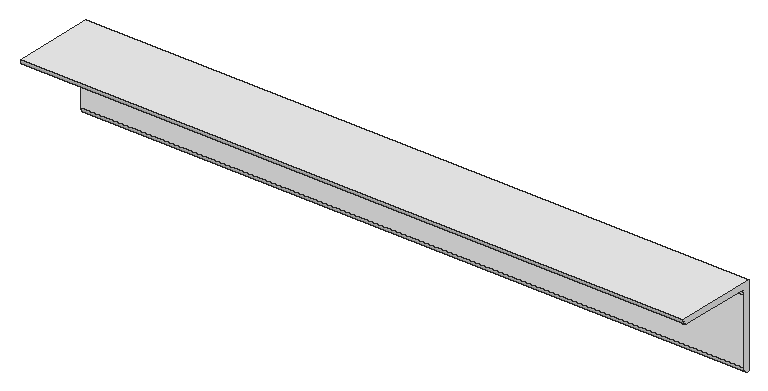
Revit family "L", category Structural Framing, Revit 2023
Family settings
  Structural Framing Length Roundoff = 1 mm
  Section Shape = Not Defined
  Material for Model Behavior = Steel
  Always export as geometry = No
  Always vertical = Yes
  Cut with Voids When Loaded = No
  Symbolic Representation = From Project Settings
  Shared = No
  Show family pre-cut in plan views = Yes
Parameters (values of type "L 150x150x23.0")
  Structural Material [instance] = 금속 - 스틸 - 345MPa
  Perimeter = 0
  Nominal Weight = 0.00 kgf/m
  Length [instance] = 1500 mm
  b = 150 mm
  d = 150 mm
  t = 10 mm
  x = 40.6 mm
  y = 40.6 mm
  A = 0.003 m²
Reference planes
  plane 1 "중심(앞/뒤)": y = 0
  plane 2: z = 0
  plane 3 "중심(왼쪽/오른쪽)": x = 4.61
  plane 4 "왼쪽 부재": x = -604.99
  plane 5 "오른쪽 부재": x = 614.21
  plane 6: y = 40.6
  plane 7: y = -109.4
  plane 8 "상단": z = 40.6
  plane 9: z = -109.4
  plane 10 "왼쪽": x = -757.39
  plane 11 "오른쪽": x = 742.61
Forms (mm)
  Sweep 1, solid, material "금속 - 스틸 - 345MPa" <- "Structural Material", detail levels medium
    path origin (0, 0, 0) x (1, 0, 0) y (0, 1, 0)
      loop
        line (614.21, 0) -> (-604.99, 0)
    profile "M_L-각도-프로파일-중간 : M_L-각도-프로파일-중간" origin (4.61, 0, 0) x (0, -1, 0) y (0, 0, 1)
      loop
        line (-40.6, -109.4) -> (-30.6, -109.4) -> (-30.6, 30.6) -> (109.4, 30.6) -> (109.4, 40.6) -> (-40.6, 40.6) -> (-40.6, -109.4)
  Sweep 2, solid, material "금속 - 스틸 - 345MPa" <- "Structural Material", detail levels fine
    path origin (0, 0, 0) x (1, 0, 0) y (0, 1, 0)
      loop
        line (614.21, 0) -> (-604.99, 0)
    profile "M_L-각도-프로파일-높은 상세 : M_L-각도-프로파일-높은 상세" origin (4.61, 0, 0) x (0, -1, 0) y (0, 0, 1)
      loop
        arc (-40.6, -109.4) -> (-33.529, -106.471) -> (-30.6, -99.4) r 10
        line (-30.6, -99.4) -> (-30.6, 20.6)
        arc (-30.6, 20.6) -> (-27.671, 27.671) -> (-20.6, 30.6) r 10
        line (-20.6, 30.6) -> (99.4, 30.6)
        arc (99.4, 30.6) -> (106.471, 33.529) -> (109.4, 40.6) r 10
        line (109.4, 40.6) -> (-40.6, 40.6) -> (-40.6, -109.4)
Lines and regions (mm)
  symbolic lines, style "숨겨진 면", detail levels medium+fine
    curve 1: line (-604.99, 0, 27.6) -> (614.21, 0, 27.6)
    curve 2: line (-604.99, 30.6, 0) -> (614.21, 30.6, 0)
  symbolic lines, style "기호 부착", detail levels coarse
    curve 3: line (4.61, 40.6, 40.6) -> (4.61, -109.4, 40.6)
    curve 4: line (4.61, 40.6, -109.4) -> (4.61, 40.6, 40.6)
Dimensions and locks
  "b": plane 6 to plane 7
  "d": plane 9 to plane 8 "상단"
  "x": plane 6 to plane 1 "중심(앞/뒤)"
  "y": plane 8 "상단" to plane 2
  "Length": plane 10 "왼쪽" to plane 11 "오른쪽"
  "t": plane 6 to curve 2
  aligned and locked: Sweep 1 sketch curve to plane 1 "중심(앞/뒤)"
  aligned and locked: Sweep 2 sketch curve to plane 1 "중심(앞/뒤)"
  aligned and locked: Sweep 1 to curve 3
  aligned and locked: curve 4 to Sweep 1
  aligned and locked: curve 3 to Sweep 2
  aligned and locked: curve 4 to Sweep 2
  aligned and locked: plane 4 "왼쪽 부재" to Sweep 1 sketch curve
  aligned and locked: plane 5 "오른쪽 부재" to Sweep 1 sketch curve
  aligned and locked: plane 4 "왼쪽 부재" to Sweep 2 sketch curve
  aligned and locked: plane 5 "오른쪽 부재" to Sweep 2 sketch curve
  aligned and locked: plane 4 "왼쪽 부재" to curve 1
  aligned and locked: plane 5 "오른쪽 부재" to curve 1
  aligned and locked: plane 4 "왼쪽 부재" to curve 2
  aligned and locked: plane 5 "오른쪽 부재" to curve 2
Automatic sketch dimensions
  plane 8 "상단" to curve 1 = 13 mm
